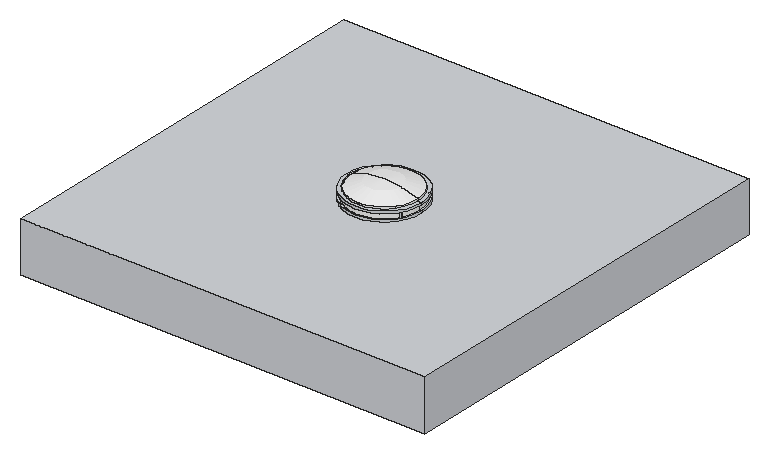
Revit family
Parameters (values of type "120 V")
  Width = 1' - 5 177/256"
  Web Link to IES = "http://www.oxygenlighting.com/index.cfm?event=general.downloadFile&theFile=2-6110-and-2-6142.ies"
  Wattage = 8.16604 W
  built-in parameter 1150110 = 1 (stored number, unit not read)
  Voltage = 120 V
  URL = "http://www.oxygenlighting.com/"
  built-in parameter 1114217 = 1 (stored number, unit not read)
  Tilt Angle = -90.00°
  built-in parameter 1150109 = 1 (stored number, unit not read)
  built-in parameter 1150134 = (empty or 0)
  built-in parameter 1150113 = 1 (stored number, unit not read)
  Product Documentation Link = "http://www.oxygenlighting.com/ftp/cutsheets/2-6110-xx.pdf"
  Power Factor = 0.99
  Photometric Web File = "2-6110 and 2-6142 series.IES"
  Number of Poles = 1
  built-in parameter 1150142 = "IESNA:LM-63-2002\r\n[ISSUEDATE]04/20/06\r\n[TEST]ITL57394\r\n[TESTLAB]INDEPENDENT TESTING LABORATORIES, INC.\r\n[MANUFAC]OXYGEN LIGHTING\r\n[LUMCAT]2-6110-24, 2-6142-24, 2-6142-24-EM\r\n[LUMINAIRE]FORMED METAL HOUSING WITH WHITE PAINTED INTERIOR FINISH,\r\n[MORE]TRANSLUCENT WHITE ACRYLIC DIFFUSER WITH TWO FABRICATED\r\n[MORE]SEMI-SPECULAR METAL DIFFUSER MOUNTING RINGS AND THREE VERTICAL\r\n[MORE]SUPPORT RODS. BALLAST IS EXPOSED AND CENTERED.\r\n[LAMP]ONE 22-WATT T-9 CIRCULAR FLUORESCENT, SATCO FC8T9/WW, RATED 1050\r\n[MORE]LUMENS, HORIZONTAL POSITION. ONE 32-WATT T-9 CIRCULAR FLUORESCENT,\r\n[MORE]SATCO FC12T9/WW, RATED 1950 LUMENS, HORIZONTAL POSITION.\r\n[BALLAST]FULHAM WH3-120-C\r\n[_MOUNTING]SURFACE\r\n[_PAINTREFL]81.2 %\r\n[OTHER]TOTAL INPUT WATTS=  29.5 AT 120.0 VOLTS\r\nTILT=NONE\r\n2 1500 1 73 9 1 1 -1.33854 -1.33854 0.30729\r\n1 1 29.5\r\n0 2.5 5 7.5 10 12.5 15 17.5 20 22.5 25 27.5 30 32.5 35 37.5 40 42.5 45 47.5 50\r\n 52.5 55 57.5 60 62.5 65 67.5 70 72.5 75 77.5 80 82.5 85 87.5 90 92.5 95 97.5\r\n 100 102.5 105 107.5 110 112.5 115 117.5 120 122.5 125 127.5 130 132.5 135\r\n 137.5 140 142.5 145 147.5 150 152.5 155 157.5 160 162.5 165 167.5 170 172.5\r\n 175 177.5 180\r\n0 22.5 45 67.5 90 112.5 135 157.5 180\r\n318 317 316 315 312 309 306 302 297 292 287 280 274 267 260 251 243 235 226 216\r\n 207 197 187 175 165 154 144 132 122 111 101 93 84 76 69 63 57 52 46 42 38 34\r\n 32 30 29 29 28 27 26 25 23 22 21 20 18 17 16 15 13 12 11 9 9 8 7 6 5 5 4 4 3 3\r\n 0\r\n318 318 317 315 313 310 307 303 299 294 288 282 276 269 262 255 246 238 229 220\r\n 210 200 190 179 169 158 147 137 125 115 105 96 87 79 72 65 57 50 44 40 36 33\r\n 31 30 28 27 27 26 25 23 22 21 20 18 17 16 15 14 12 11 10 9 8 7 6 5 5 4 3 3 2 2\r\n 0\r\n318 317 316 314 312 309 305 301 296 291 286 279 273 266 259 250 243 234 225 216\r\n 207 196 186 175 165 153 143 132 121 111 101 92 84 77 69 63 58 53 47 42 38 34\r\n 32 30 29 28 27 26 25 24 23 22 20 19 18 17 16 14 13 12 10 9 9 8 7 6 5 4 4 3 2 2\r\n 0\r\n318 317 317 315 312 310 306 302 298 293 287 281 274 267 260 252 244 236 227 218\r\n 208 198 188 177 167 156 145 135 124 113 104 94 86 78 71 65 58 50 44 40 36 33\r\n 31 30 29 28 27 26 25 24 23 22 20 19 18 17 15 14 13 11 10 9 8 8 6 6 5 4 3 3 2 2\r\n 0\r\n318 317 316 314 311 308 304 300 295 290 284 278 271 264 256 249 240 232 223 214\r\n 204 193 184 172 162 152 141 130 119 109 100 91 83 75 68 63 56 50 45 40 36 33\r\n 30 29 28 27 26 25 24 23 22 21 20 19 17 16 15 14 13 12 10 9 9 8 7 6 5 4 4 3 2 2\r\n 0\r\n318 317 316 314 312 309 305 301 296 290 285 279 272 265 258 250 242 233 224 214\r\n 205 195 185 174 163 153 142 131 120 110 100 91 83 75 68 62 54 45 40 36 32 30\r\n 28 27 26 25 24 23 22 21 20 19 18 17 16 15 14 13 11 10 9 8 8 7 6 5 5 4 3 3 2 2\r\n 0\r\n318 317 315 313 310 307 303 298 293 288 282 275 269 261 254 246 237 228 218 209\r\n 199 189 179 167 157 145 135 124 112 103 93 85 77 69 62 57 51 47 41 37 33 30 28\r\n 27 26 25 24 23 22 21 20 19 18 17 16 15 14 13 11 10 9 8 8 7 6 5 5 4 3 3 2 2 0\r\n318 317 316 314 311 308 304 299 295 289 283 276 270 263 255 247 238 230 220 211\r\n 201 191 180 169 159 147 136 125 115 104 95 85 77 69 62 56 49 43 38 33 30 28 26\r\n 25 24 23 22 22 21 20 19 17 16 15 14 13 12 11 10 9 8 7 7 6 5 5 4 3 3 2 2 2 0\r\n318 317 315 313 310 306 302 298 292 287 281 274 267 260 252 243 234 226 216 207\r\n 197 186 176 164 153 143 131 120 110 99 90 81 73 65 58 52 47 43 38 34 30 28 26\r\n 25 24 23 22 21 20 20 18 17 16 15 14 13 12 11 10 9 8 7 7 6 5 5 4 4 3 2 2 2 0\r\n\u001a"
  Model = "2-6110-xx"
  Manufacturer = "Oxygen Lighting"
  built-in parameter 1150105 = 96.527 (stored number, unit not read)
  Lumens = 1213 lm
  built-in parameter 1150115 = 1 (stored number, unit not read)
  built-in parameter 1150137 = (empty or 0)
  built-in parameter 1150139 = (empty or 0)
  Length = 1' - 5 177/256"
  built-in parameter 1150112 = 1 (stored number, unit not read)
  built-in parameter 1150114 = 1 (stored number, unit not read)
  Lamp = "1 x FC9T9 + FC12T9"
  Junction Box = "4\" Octogonal"
  built-in parameter 1150132 = 2
  built-in parameter 1150102 = (empty or 0)
  built-in parameter 1150107 = 3000 (stored number, unit not read)
  built-in parameter 1150138 = (empty or 0)
  built-in parameter 1150106 = 0.96527 (stored number, unit not read)
  Height = 0' - 4 1/4"
  Emit from Circle Diameter = 1' - 5 177/256"
  Emit Shape Visible in Rendering = no
  built-in parameter 1150104 = 13.8 (stored number, unit not read)
  Dimming Lamp Color Temperature Shift = (empty or 0)
  Diffuser Material = Plastic-Oxygen_Lighting-2-Acrylic-Matte_White
  Description = "18\" Low profile, round flush mount - acrylic diffuser and T9 circline fluorescent lamping."
  Default Elevation = 4' - 0"
  Color Filter = 16777215
  Ballust Manufacturer = "Fulham"
  built-in parameter 1114218 = 1 (stored number, unit not read)
  built-in parameter 1150133 = 10 (stored number, unit not read)
  Assembly Code = "D5020210"
  Apparent Load = 29.5 VA
  ADA Compliant = no
Reference planes (in)
  plane 1 "Center (Front/Back)": y = 0
  plane 2: z = 0
  plane 3 "Center (Left/Right)": x = 0
  plane 4: z = 2.25
  plane 5: z = 1.8125
  plane 6: z = 0.5
  plane 7: z = 2.625
  plane 8: x = -7.875
  plane 9: x = 7.875
  plane 10: x = -8.1875
  plane 11: x = 8.1875
  plane 12: x = -8.84375
  plane 13: x = 8.84375
  plane 14: z = 4.24747
  plane 15: x = -8.36874
  plane 16: x = -7.52343
  plane 17: x = -7.75
  plane 18: z = 4.12247
  plane 19: z = 2.54252
  plane 20: through (0, 0, 48) normal (0.5, -0.866, 0)
  plane 21: through (0, 0, 48) normal (0.5, 0.866, 0)
  plane 22: x = 8.36874
  plane 23: y = 8.84375
  plane 24: y = -8.84375
  plane 25: y = -8.34375
  plane 26: y = 8.34375
  plane 27: y = 7.875
  plane 28: y = -7.875
Forms (in)
  Extrusion 1, solid
    sketch origin (0, 0, 0) x (1, 0, 0) y (0, 1, 0)
      loop
        line (-48, 48) -> (-48, -48) -> (48, -48) -> (48, 48) -> (-48, 48)
    from 0 to -12
  Revolve 2, solid, detail levels medium+fine
    sketch origin (0, 0, 0) x (1, 0, 0) y (0, 0, 1)
      loop
        line (-8.84375, 2.25) -> (-8.84375, 1.8125) -> (-7.52343, 1.8125) -> (-7.52343, 2.25) -> (-8.84375, 2.25)
      loop
        line (-8.84375, 0.5) -> (-8.84375, 0) -> (0, 0) -> (0, 0.5) -> (-8.84375, 0.5)
      axis (0, 2.25) -> (0, 0)
    angle from 0 to 360
  Revolve 3, solid, material "Plastic-Oxygen_Lighting-2-Acrylic-Matte_White" <- "Diffuser Material", detail levels medium+fine
    sketch origin (0, 0, 0) x (1, 0, 0) y (0, 0, 1)
      loop
        line (-8.36874, 0.5) -> (-8.1875, 0.5) -> (-8.1875, 1.8125) -> (-8.36874, 1.8125) -> (-8.36874, 0.5)
      loop
        line (-7.875, 2.25) -> (-7.75, 2.25) -> (-7.75, 2.54252)
        arc (-7.75, 2.54252) -> (-3.9547, 3.72346) -> (0, 4.12247) r 19.79774
        line (0, 4.12247) -> (0, 4.24747)
        arc (0, 4.24747) -> (-4.0202, 3.83764) -> (-7.875, 2.625) r 19.92274
        line (-7.875, 2.625) -> (-7.875, 2.25)
      axis (0, 4.24747) -> (0, 0.5)
    angle from 0 to 360
  Extrusion 4, solid, detail levels coarse
    sketch origin (0, 0, 0) x (1, 0, 0) y (0, 1, 0)
      loop
        circle (0, 0) r 8.84375
    from 0 to 4.24747
  Extrusion 5, solid, detail levels medium+fine
    sketch origin (0, 0, 0) x (1, 0, 0) y (0, 1, 0)
      loop
        circle (-7.38828, -4.26563) r 0.1875
      loop
        circle (7.38828, -4.26563) r 0.1875
      loop
        circle (0, 8.53125) r 0.1875
    from 0.5 to 1.8125
Lines and regions (in)
  Masking region 1
    outline origin (0, 0, 0) x (1, 0, 0) y (0, 1, 0)
      loop
        circle (0, 0) r 8.84375
  Masking region 2
    outline origin (0, 0, 0) x (1, 0, 0) y (0, 0, 1)
      loop
        line (-8.84375, 0.5) -> (-8.84375, 0) -> (8.84375, 0) -> (8.84375, 0.5) -> (8.36874, 0.5) -> (8.36874, 1.8125) -> (8.84375, 1.8125) -> (8.84375, 2.25) -> (7.875, 2.25) -> (7.875, 2.625)
        arc (7.875, 2.625) -> (0, 4.24747) -> (-7.875, 2.625) r 19.92274
        line (-7.875, 2.625) -> (-7.875, 2.25) -> (-8.84375, 2.25) -> (-8.84375, 1.8125) -> (-8.36874, 1.8125) -> (-8.36874, 0.5) -> (-8.84375, 0.5)
  Masking region 3
    outline origin (0, 0, 0) x (0, 1, 0) y (0, 0, 1)
      loop
        line (8.84375, 0.5) -> (8.34375, 0.5) -> (8.34375, 1.8125) -> (8.84375, 1.8125) -> (8.84375, 2.25) -> (7.875, 2.25) -> (7.875, 2.625)
        arc (7.875, 2.625) -> (0, 4.24747) -> (-7.875, 2.625) r 19.92274
        line (-7.875, 2.625) -> (-7.875, 2.25) -> (-8.84375, 2.25) -> (-8.84375, 1.8125) -> (-8.34375, 1.8125) -> (-8.34375, 0.5) -> (-8.84375, 0.5) -> (-8.84375, 0) -> (8.84375, 0) -> (8.84375, 0.5)
  reference lines
    curve 1: circle (0, 0, 0) r 8.53125 normal (0, 0, 1)
    curve 2: circle (0, 0, 0) r 8.84375 normal (0, 0, 1)
    curve 3: circle (0, 0, 0) r 7.875 normal (0, 0, 1)
    curve 9: arc (0, 10.99553, 0.9384) -> (0, 0.20618, 4.2464) -> (0, -10.64933, 1.16241) r 19.92274
  symbolic lines
    curve 4: circle (0, 0, 0) r 7.875 normal (0, 0, 1)
    curve 5: line (-8.36874, 0, 2.25) -> (8.36874, 0, 2.25)
    curve 6: line (-8.36874, 0, 1.8125) -> (8.36874, 0, 1.8125)
    curve 7: line (-8.36874, 0, 0.5) -> (8.36874, 0, 0.5)
    curve 8: line (-7.875, 0, 2.625) -> (7.875, 0, 2.625)
    curve 10: line (0, 8.84375, 1.8125) -> (0, -8.84375, 1.8125)
    curve 11: line (0, 8.84375, 2.25) -> (0, -8.84375, 2.25)
    curve 12: line (0, -7.875, 2.54252) -> (0, 7.875, 2.54252)
    curve 13: line (0, 8.84375, 0.5) -> (0, -8.84375, 0.5)
Dimensions and locks (in)
  aligned and locked: plane 2 to Extrusion 1
  aligned and locked: level to Extrusion 1
  aligned: plane 3 "Center (Left/Right)" to imposter light
  aligned: plane 1 "Center (Front/Back)" to imposter light
  aligned and locked: plane 1 "Center (Front/Back)" to imposter light
  aligned and locked: plane 12 to Revolve 2 sketch curve  (x2)
  aligned and locked: Revolve 2 sketch curve to plane 4
  aligned and locked: plane 5 to Revolve 2 sketch curve
  aligned and locked: Revolve 2 sketch curve to plane 6
  aligned and locked: Extrusion 1 to Revolve 2 sketch curve
  aligned and locked: Revolve 2 sketch curve to plane 3 "Center (Left/Right)"  (x2)
  aligned and locked: Revolve 3 sketch curve to plane 15
  aligned and locked: Revolve 3 sketch curve to plane 10
  aligned and locked: Revolve 3 sketch curve to plane 5
  aligned and locked: Revolve 3 sketch curve to plane 6
  aligned and locked: Revolve 3 sketch curve to plane 3 "Center (Left/Right)"  (x2)
  aligned and locked: plane 16 to Revolve 2 sketch curve
  aligned and locked: Revolve 3 sketch curve to plane 8
  aligned and locked: Revolve 3 sketch curve to plane 17
  aligned and locked: Revolve 3 sketch curve to plane 4
  aligned and locked: plane 3 "Center (Left/Right)" to Revolve 3 sketch curve  (x2)
  aligned and locked: plane 19 to Revolve 3 sketch curve
  aligned and locked: plane 3 "Center (Left/Right)" to imposter light
  aligned and locked: imposter light to plane 14
  aligned and locked: imposter light to Extrusion 4
  aligned and locked: Extrusion 5 to plane 6
  aligned and locked: plane 5 to Extrusion 5
  aligned and locked: Masking region 1 sketch curve to curve 2
  aligned and locked: curve 4 to curve 3
  aligned and locked: Masking region 2 sketch curve to plane 12  (x2)
  aligned and locked: Masking region 2 sketch curve to plane 15
  aligned and locked: Masking region 2 sketch curve to plane 13  (x2)
  aligned and locked: Masking region 2 sketch curve to plane 4
  aligned and locked: Masking region 2 sketch curve to plane 5
  aligned and locked: Masking region 2 sketch curve to plane 6
  aligned and locked: Masking region 2 sketch curve to plane 2
  aligned and locked: plane 22 to Masking region 2 sketch curve
  aligned and locked: Masking region 2 sketch curve to plane 8
  aligned and locked: Masking region 2 sketch curve to plane 9
  aligned and locked: Masking region 2 sketch curve to Masking region 2 sketch curve
  aligned and locked: curve 5 to plane 4
  aligned and locked: curve 6 to plane 5
  aligned and locked: curve 7 to plane 6
  aligned and locked: curve 8 to plane 7
  aligned and locked: plane 15 to curve 5
  aligned and locked: plane 15 to curve 6
  aligned and locked: plane 15 to curve 7
  aligned and locked: plane 22 to curve 7
  aligned and locked: plane 22 to curve 6
  aligned and locked: plane 22 to curve 5
  aligned and locked: plane 9 to curve 8
  aligned and locked: plane 8 to curve 8
  aligned and locked: plane 23 to Masking region 3 sketch curve  (x2)
  aligned and locked: plane 6 to Masking region 3 sketch curve  (x2)
  aligned and locked: plane 26 to Masking region 3 sketch curve
  aligned and locked: plane 5 to Masking region 3 sketch curve
  aligned and locked: plane 4 to Masking region 3 sketch curve
  aligned and locked: plane 27 to Masking region 3 sketch curve
  aligned and locked: Masking region 3 sketch curve to curve 9
  aligned and locked: plane 2 to Masking region 3 sketch curve
  aligned and locked: Masking region 3 sketch curve to plane 24
  aligned and locked: Masking region 3 sketch curve to plane 25
  aligned and locked: Masking region 3 sketch curve to plane 28
  aligned and locked: plane 5 to curve 10
  aligned and locked: plane 4 to curve 11
  aligned and locked: plane 19 to curve 12
  aligned and locked: plane 6 to curve 13
Connectors (in)
  electrical at (0, 0, 0), driven by "Apparent Load", driven by "Voltage", driven by "Power Factor", driven by "Number of Poles"
    settings: on Extrusion 1, index 1
